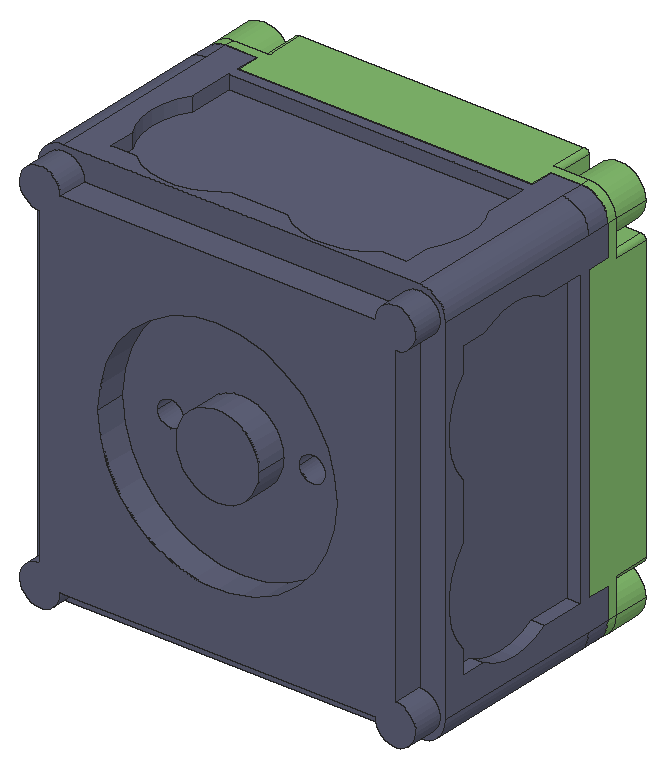
Revit family "E_Cable Junction Box_MEPcontent_Spelsberg_BS 1_INT-EN", category Electrical Fixtures, Revit 2017
Family settings
  Maintain Annotation Orientation = Yes
  Round Connector Dimension = Use Diameter
  Part Type = Junction Box
  OmniClass Number = 23.80.30.14.24
  OmniClass Title = Junction Boxes
  Work Plane-Based = No
  Always vertical = Yes
  Cut with Voids When Loaded = No
  Shared = No
  Room Calculation Point = No
Parameters (values of type "BS 1")
  Width = 86.000 mm
  Voltage = 230 V  # constant formula
  URL = ""
  Rotation W-Axis Total [instance] = [Rotation W-Axis Correction] + [Rotation W-Axis]  # 0.00°
  Rotation W-Axis Default Correction = 0.00°
  Rotation W-Axis Correction = 0.00°
  Rotation W-Axis [instance] = 0.00°
  Rotation V-Axis Total [instance] = [Rotation V-Axis Correction] + [Rotation V-Axis]  # 0.00°
  Rotation V-Axis Default Correction = 0.00°
  Rotation V-Axis Correction = 0.00°
  Rotation V-Axis [instance] = 0.00°
  Rotation U-Axis Total [instance] = [Rotation U-Axis Correction] + [Rotation U-Axis]  # 0.00°
  Rotation U-Axis Default Correction = 0.00°
  Rotation U-Axis Correction = 0.00°
  Rotation U-Axis [instance] = 0.00°
  Revit Version = "2017"  # constant formula
  Product Line = "Spelsberg"  # constant formula
  Power [instance] = 0 VA
  Placeholder Height = 59.100 mm
  Model = "BS 1"
  Manufacturer URL = "http://www.spelsberg.com/p/97400101"
  Manufacturer Art. No. = "97400101"
  Manufacturer = "Spelsberg"  # constant formula
  Length = 86.000 mm
  IFCExportType = "NOTDEFINED"  # constant formula
  IFCExportAs = "IfcJunctionBox"  # constant formula
  Height = 59.100 mm
  Green = Color RAL 6018
  ETIM Article Class = "EC002601"  # constant formula
  Description = "Equipment installation box BS 1"  # constant formula
  Cable Opening Diameter [instance] = 32.000 mm
  Cap Offset [instance] = 0.000 mm
  Blue = Color RAL 5013
  Article Type = "BS 1"
  Article Description = "Equipment installation box BS 1"  # constant formula
  3D Representation = 3DGeometry : 3DGeometry
Reference planes
  plane 1 "Center (Front/Back)": y = 0
  plane 2: z = 0
  plane 3 "Center (Left/Right)": x = 0
Dimensions and locks
  aligned and locked: level to plane 2
Nested families
  nested 1: "GeometryPlaceholder" at (0, 0, 0) x (1, 0, 0) z (0, 0, -1), Rotation v-axis <- "Rotation V-Axis Total", Rotation w-axis <- "Rotation W-Axis Total", Rotation u-axis <- "Rotation U-Axis Total", Height <- "Placeholder Height", type "GeometryPlaceholder", not visible
    with Width 10.000 mm, Rotation w-axis 0.00°, Rotation v-axis 0.00°, Rotation u-axis 0.00°, ModelBaseAngle 0.00°, Length 10.000 mm, Height 59.100 mm
  nested 2: "3DGeometry" at (0, 0, 0) x (-1, 0, 0) z (0, 1, 0), Cap Offset <- "Cap Offset", type <- "3D Representation", type "3DGeometry"
    with Cap Offset Safe 0.000 mm, Cap Offset 0.000 mm, Cable Opening Diameter 32.000 mm
Connectors
  cabletrayconduit at (16, 24.5, -40), diameter 32, driven by "Cable Opening Diameter"
    settings: on nested 2, index 1, connector width 300.000 mm, connector height 300.000 mm, connector angle 0.00°, system type 32, placement type 0, profile type 0, connector reference index -1, is primary connector yes, connector utility param no, connector description "Conduit Individual Connector1"
  cabletrayconduit at (-16, 24.5, -40), diameter 32, driven by "Cable Opening Diameter"
    settings: on nested 2, index 2, connector width 300.000 mm, connector height 300.000 mm, connector angle 0.00°, system type 32, placement type 0, profile type 0, connector reference index -1, is primary connector no, connector utility param no, connector description "Conduit Individual Connector2"
  cabletrayconduit at (-40, 24.5, -16), diameter 32, driven by "Cable Opening Diameter"
    settings: on nested 2, index 3, connector width 300.000 mm, connector height 300.000 mm, connector angle 0.00°, system type 32, placement type 0, profile type 0, connector reference index -1, is primary connector no, connector utility param no, connector description "Conduit Individual Connector3"
  cabletrayconduit at (-40, 24.5, 16), diameter 32, driven by "Cable Opening Diameter"
    settings: on nested 2, index 4, connector width 300.000 mm, connector height 300.000 mm, connector angle 0.00°, system type 32, placement type 0, profile type 0, connector reference index -1, is primary connector no, connector utility param no, connector description "Conduit Individual Connector4"
  cabletrayconduit at (-16, 24.5, 40), diameter 32, driven by "Cable Opening Diameter"
    settings: on nested 2, index 5, connector width 300.000 mm, connector height 300.000 mm, connector angle 0.00°, system type 32, placement type 0, profile type 0, connector reference index -1, is primary connector no, connector utility param no, connector description "Conduit Individual Connector5"
  cabletrayconduit at (16, 24.5, 40), diameter 32, driven by "Cable Opening Diameter"
    settings: on nested 2, index 6, connector width 300.000 mm, connector height 300.000 mm, connector angle 0.00°, system type 32, placement type 0, profile type 0, connector reference index -1, is primary connector no, connector utility param no, connector description "Conduit Individual Connector6"
  cabletrayconduit at (40, 24.5, 16), diameter 32, driven by "Cable Opening Diameter"
    settings: on nested 2, index 7, connector width 300.000 mm, connector height 300.000 mm, connector angle 0.00°, system type 32, placement type 0, profile type 0, connector reference index -1, is primary connector no, connector utility param no, connector description "Conduit Individual Connector7"
  cabletrayconduit at (40, 24.5, -16), diameter 32, driven by "Cable Opening Diameter"
    settings: on nested 2, index 8, connector width 300.000 mm, connector height 300.000 mm, connector angle 0.00°, system type 32, placement type 0, profile type 0, connector reference index -1, is primary connector no, connector utility param no, connector description "Conduit Individual Connector8"
Definition of nested family "3DGeometry"
  Parameters (values of type "3DGeometry")
    Width = 86.000 mm
    Length = 86.000 mm
    Height = 59.100 mm
    Cap Offset Safe [instance] = if(Cap Offset < 0.000 mm, 0.000 mm, Cap Offset)  # 25.000 mm
    Cap Offset [instance] = 25.000 mm
    Blue = none
    Type Comments = "﻿﻿ ﻿ ﻿﻿﻿﻿﻿﻿             ﻿     ﻿                ﻿  ﻿  ﻿​     ​​  ​​   ​​   ﻿﻿     ​      ​​  ​​      ﻿    ﻿﻿        ﻿ ﻿          ﻿﻿"
    Keynote = "﻿﻿ ﻿ ﻿﻿﻿﻿﻿﻿             ﻿     ﻿                ﻿  ﻿  ﻿​     ​​  ​​   ​​   ﻿﻿     ​      ​​  ​​      ﻿    ﻿﻿        ﻿ ﻿          ﻿﻿"
    Green = none
    Cable Opening Diameter [instance] = 32.000 mm
    Description = "﻿﻿ ﻿ ﻿﻿﻿﻿﻿﻿             ﻿     ﻿                ﻿  ﻿  ﻿​     ​​  ​​   ​​   ﻿﻿     ​      ​​  ​​      ﻿    ﻿﻿        ﻿ ﻿          ﻿﻿"
    Default Elevation = 0.000 mm
    Assembly Code = "﻿﻿ ﻿ ﻿﻿﻿﻿﻿﻿             ﻿     ﻿                ﻿  ﻿  ﻿​     ​​  ​​   ​​   ﻿﻿     ​      ​​  ​​      ﻿    ﻿﻿        ﻿ ﻿          ﻿﻿"
  Reference planes
    plane 1 "Center (Front/Back)": y = 0
    plane 2: z = 0
    plane 3 "Center (Left/Right)": x = 0
    plane 4 "length left": x = -43
    plane 5 "length right": x = 43
    plane 6 "width back": y = 43
    plane 7 "width front": y = -43
    plane 8: z = 59.1
    plane 9 "connectors": z = 24.5
    plane 10 "lid": z = 69.1
    plane 11 "top box": z = 74.1
    plane 12: y = -40
    plane 13: x = 40
    plane 14: y = 40
    plane 15: x = -40
    plane 16: x = -16
    plane 17: x = 16
    plane 18: y = 16
    plane 19: y = -16
    plane 20: z = 76.1
    plane 21 "cap offset": z = 84.1
    plane 22 "fixed": z = 44.1
    plane 23: z = 49.1
    plane 24: z = 51.1
  Forms (mm)
    Extrusion 1, solid
      sketch origin (0, 0, 0) x (1, 0, 0) y (0, 1, 0)
        loop
          line (-1219.2, 1219.2) -> (-1219.2, -1219.2) -> (1219.2, -1219.2) -> (1219.2, 1219.2) -> (-1219.2, 1219.2)
      from 0 to -304.8
    Extrusion 2, solid, material <- "Blue", detail levels fine
      sketch origin (0, 0, 0) x (1, 0, 0) y (0, 1, 0)
        loop
          arc (-37.5, 43) -> (-41.389, 41.389) -> (-43, 37.5) r 5.5
          line (-43, 37.5) -> (-43, -37.5)
          arc (-43, -37.5) -> (-41.389, -41.389) -> (-37.5, -43) r 5.5
          line (-37.5, -43) -> (37.5, -43)
          arc (37.5, -43) -> (41.389, -41.389) -> (43, -37.5) r 5.5
          line (43, -37.5) -> (43, 37.5)
          arc (43, 37.5) -> (41.389, 41.389) -> (37.5, 43) r 5.5
          line (37.5, 43) -> (-37.5, 43)
      from 0 to 44.1
    Extrusion 3, void
      sketch origin (0, 0, 0) x (1, 0, 0) y (0, 1, 0)
        loop
          circle (15, 0) r 2.75
        loop
          circle (-15, 0) r 2.75
      from 6.372 to 11.691
    Extrusion 4, void
      sketch origin (0, 0, 0) x (1, 0, 0) y (0, 0, 1)
        loop
          line (-31.189, 42) -> (-31.189, 32.5)
          arc (-31.189, 32.5) -> (-33.5, 24.5) -> (-31.189, 16.5) r 15
          line (-31.189, 16.5) -> (-31.189, 10.82) -> (-26, 10.82)
          arc (-26, 10.82) -> (-16, 7) -> (-6, 10.82) r 15
          line (-6, 10.82) -> (6, 10.82)
          arc (6, 10.82) -> (16, 7) -> (26, 10.82) r 15
          line (26, 10.82) -> (31.189, 10.82) -> (31.189, 16.5)
          arc (31.189, 16.5) -> (33.5, 24.5) -> (31.189, 32.5) r 15
          line (31.189, 32.5) -> (31.189, 42) -> (-31.189, 42)
      from 40 to 43
    Extrusion 5, void
      sketch origin (0, 0, 0) x (1, 0, 0) y (0, 0, -1)
        loop
          line (-31.189, -42) -> (31.189, -42) -> (31.189, -32.5)
          arc (31.189, -32.5) -> (33.5, -24.5) -> (31.189, -16.5) r 15
          line (31.189, -16.5) -> (31.189, -10.82) -> (26, -10.82)
          arc (26, -10.82) -> (16, -7) -> (6, -10.82) r 15
          line (6, -10.82) -> (-6, -10.82)
          arc (-6, -10.82) -> (-16, -7) -> (-26, -10.82) r 15
          line (-26, -10.82) -> (-31.189, -10.82) -> (-31.189, -16.5)
          arc (-31.189, -16.5) -> (-33.5, -24.5) -> (-31.189, -32.5) r 15
          line (-31.189, -32.5) -> (-31.189, -42)
      from 40 to 43
    Extrusion 6, void
      sketch origin (0, 0, 0) x (0, 1, 0) y (0, 0, 1)
        loop
          line (31.189, 42) -> (-31.189, 42) -> (-31.189, 32.5)
          arc (-31.189, 32.5) -> (-33.5, 24.5) -> (-31.189, 16.5) r 15
          line (-31.189, 16.5) -> (-31.189, 10.82) -> (-26, 10.82)
          arc (-26, 10.82) -> (-16, 7) -> (-6, 10.82) r 15
          line (-6, 10.82) -> (6, 10.82)
          arc (6, 10.82) -> (16, 7) -> (26, 10.82) r 15
          line (26, 10.82) -> (31.189, 10.82) -> (31.189, 16.5)
          arc (31.189, 16.5) -> (33.5, 24.5) -> (31.189, 32.5) r 15
          line (31.189, 32.5) -> (31.189, 42)
      from 40 to 43
    Extrusion 7, void
      sketch origin (0, 0, 0) x (0, 1, 0) y (0, 0, -1)
        loop
          line (31.189, -42) -> (31.189, -32.5)
          arc (31.189, -32.5) -> (33.5, -24.5) -> (31.189, -16.5) r 15
          line (31.189, -16.5) -> (31.189, -10.82) -> (26, -10.82)
          arc (26, -10.82) -> (16, -7) -> (6, -10.82) r 15
          line (6, -10.82) -> (-6, -10.82)
          arc (-6, -10.82) -> (-16, -7) -> (-26, -10.82) r 15
          line (-26, -10.82) -> (-31.189, -10.82) -> (-31.189, -16.5)
          arc (-31.189, -16.5) -> (-33.5, -24.5) -> (-31.189, -32.5) r 15
          line (-31.189, -32.5) -> (-31.189, -42) -> (31.189, -42)
      from 40 to 43
    Extrusion 8, solid, material <- "Green", detail levels fine
      sketch origin (0, 0, 0) x (1, 0, 0) y (0, 1, 0)
        loop
          arc (-37.5, 43) -> (-41.389, 41.389) -> (-43, 37.5) r 5.5
          line (-43, 37.5) -> (-43, -37.5)
          arc (-43, -37.5) -> (-41.389, -41.389) -> (-37.5, -43) r 5.5
          line (-37.5, -43) -> (37.5, -43)
          arc (37.5, -43) -> (41.389, -41.389) -> (43, -37.5) r 5.5
          line (43, -37.5) -> (43, 37.5)
          arc (43, 37.5) -> (41.389, 41.389) -> (37.5, 43) r 5.5
          line (37.5, 43) -> (-37.5, 43)
      from 69.1 to 76.1
    Extrusion 9, void
      sketch origin (0, 0, 0) x (1, 0, 0) y (0, 1, 0)
        loop
          line (-33.25, -37.5) -> (33.25, -37.5)
          arc (33.25, -37.5) -> (40.505, -40.505) -> (37.5, -33.25) r 4.25
          line (37.5, -33.25) -> (37.5, 33.25)
          arc (37.5, 33.25) -> (40.505, 40.505) -> (33.25, 37.5) r 4.25
          line (33.25, 37.5) -> (-33.25, 37.5)
          arc (-33.25, 37.5) -> (-40.505, 40.505) -> (-37.5, 33.25) r 4.25
          line (-37.5, 33.25) -> (-37.5, -33.25)
          arc (-37.5, -33.25) -> (-40.505, -40.505) -> (-33.25, -37.5) r 4.25
        loop
          line (-48, 48) -> (-48, -48) -> (48, -48) -> (48, 48) -> (-48, 48)
        loop
          circle (0, 0) r 25.25
        loop
          circle (0, 0) r 8.75
      from 0 to 6.372
    Extrusion 10, void
      sketch origin (0, 0, 0) x (1, 0, 0) y (0, 1, 0)
        loop
          line (-46, 46) -> (-46, 31) -> (-36, 31)
          arc (-36, 31) -> (-32.464, 32.464) -> (-31, 36) r 5
          line (-31, 36) -> (-31, 46) -> (-46, 46)
        loop
          line (46, 46) -> (31, 46) -> (31, 36)
          arc (31, 36) -> (32.464, 32.464) -> (36, 31) r 5
          line (36, 31) -> (46, 31) -> (46, 46)
        loop
          line (-46, -46) -> (-31, -46) -> (-31, -36)
          arc (-31, -36) -> (-32.464, -32.464) -> (-36, -31) r 5
          line (-36, -31) -> (-46, -31) -> (-46, -46)
        loop
          line (46, -46) -> (46, -31) -> (36, -31)
          arc (36, -31) -> (32.464, -32.464) -> (31, -36) r 5
          line (31, -36) -> (31, -46) -> (46, -46)
      from 69.1 to 74.1
    Extrusion 11, solid, material <- "Blue", detail levels fine
      sketch origin (0, 0, 0) x (1, 0, 0) y (0, 1, 0)
        loop
          arc (-37.5, 43) -> (-41.389, 41.389) -> (-43, 37.5) r 5.5
          line (-43, 37.5) -> (-43, 31) -> (-36, 31)
          arc (-36, 31) -> (-32.464, 32.464) -> (-31, 36) r 5
          line (-31, 36) -> (-31, 43) -> (-37.5, 43)
        loop
          line (37.5, 43) -> (31, 43) -> (31, 36)
          arc (31, 36) -> (32.464, 32.464) -> (36, 31) r 5
          line (36, 31) -> (43, 31) -> (43, 37.5)
          arc (43, 37.5) -> (41.389, 41.389) -> (37.5, 43) r 5.5
        loop
          line (-37.5, -43) -> (-31, -43) -> (-31, -36)
          arc (-31, -36) -> (-32.464, -32.464) -> (-36, -31) r 5
          line (-36, -31) -> (-43, -31) -> (-43, -37.5)
          arc (-43, -37.5) -> (-41.389, -41.389) -> (-37.5, -43) r 5.5
        loop
          arc (37.5, -43) -> (41.389, -41.389) -> (43, -37.5) r 5.5
          line (43, -37.5) -> (43, -31) -> (36, -31)
          arc (36, -31) -> (32.464, -32.464) -> (31, -36) r 5
          line (31, -36) -> (31, -43) -> (37.5, -43)
      from 44.1 to 49.1
    Extrusion 12, solid, material <- "Green", detail levels fine
      sketch origin (0, 0, 0) x (1, 0, 0) y (0, 1, 0)
        loop
          arc (-30, 43) -> (-30.707, 42.707) -> (-31, 42) r 1
          line (-31, 42) -> (-31, 36)
          arc (-31, 36) -> (-32.464, 32.464) -> (-36, 31) r 5
          line (-36, 31) -> (-42, 31)
          arc (-42, 31) -> (-42.707, 30.707) -> (-43, 30) r 1
          line (-43, 30) -> (-43, -30)
          arc (-43, -30) -> (-42.707, -30.707) -> (-42, -31) r 1
          line (-42, -31) -> (-36, -31)
          arc (-36, -31) -> (-32.464, -32.464) -> (-31, -36) r 5
          line (-31, -36) -> (-31, -42)
          arc (-31, -42) -> (-30.707, -42.707) -> (-30, -43) r 1
          line (-30, -43) -> (30, -43)
          arc (30, -43) -> (30.707, -42.707) -> (31, -42) r 1
          line (31, -42) -> (31, -36)
          arc (31, -36) -> (32.464, -32.464) -> (36, -31) r 5
          line (36, -31) -> (42, -31)
          arc (42, -31) -> (42.707, -30.707) -> (43, -30) r 1
          line (43, -30) -> (43, 30)
          arc (43, 30) -> (42.707, 30.707) -> (42, 31) r 1
          line (42, 31) -> (36, 31)
          arc (36, 31) -> (32.464, 32.464) -> (31, 36) r 5
          line (31, 36) -> (31, 42)
          arc (31, 42) -> (30.707, 42.707) -> (30, 43) r 1
          line (30, 43) -> (-30, 43)
        loop
          circle (-37.5, 37.5) r 4.25
        loop
          circle (-37.5, 37.5) r 5.5
        loop
          circle (37.5, 37.5) r 4.25
        loop
          circle (37.5, 37.5) r 5.5
        loop
          circle (-37.5, -37.5) r 4.25
        loop
          circle (-37.5, -37.5) r 5.5
        loop
          circle (37.5, -37.5) r 4.25
        loop
          circle (37.5, -37.5) r 5.5
        loop
          circle (0, 0) r 12.5
        loop
          circle (-21, 21) r 4
      from 76.1 to 84.1
    Extrusion 13, solid, not visible, detail levels coarse+medium
      sketch origin (0, 0, 0) x (1, 0, 0) y (0, 0, 1)
        loop
          circle (-16, 24.5) r 5
        loop
          circle (16, 24.5) r 5
      from 37.5 to 40
    Extrusion 14, solid, not visible, detail levels coarse+medium
      sketch origin (0, 0, 0) x (1, 0, 0) y (0, 0, 1)
        loop
          circle (-16, 24.5) r 5
        loop
          circle (16, 24.5) r 5
      from -40 to -37.5
    Extrusion 15, solid, not visible, detail levels coarse+medium
      sketch origin (0, 0, 0) x (0, 1, 0) y (0, 0, 1)
        loop
          circle (16, 24.5) r 5
        loop
          circle (-16, 24.5) r 5
      from -40 to -37.5
    Extrusion 16, solid, not visible, detail levels coarse+medium
      sketch origin (0, 0, 0) x (0, 1, 0) y (0, 0, 1)
        loop
          circle (16, 24.5) r 5
        loop
          circle (-16, 24.5) r 5
      from 37.5 to 40
    Extrusion 17, solid, detail levels coarse+medium
      sketch origin (0, 0, 0) x (1, 0, 0) y (0, 1, 0)
        loop
          arc (-37.5, 43) -> (-41.389, 41.389) -> (-43, 37.5) r 5.5
          line (-43, 37.5) -> (-43, -37.5)
          arc (-43, -37.5) -> (-41.389, -41.389) -> (-37.5, -43) r 5.5
          line (-37.5, -43) -> (37.5, -43)
          arc (37.5, -43) -> (41.389, -41.389) -> (43, -37.5) r 5.5
          line (43, -37.5) -> (43, 37.5)
          arc (43, 37.5) -> (41.389, 41.389) -> (37.5, 43) r 5.5
          line (37.5, 43) -> (-37.5, 43)
      from 0 to 44.1
    Extrusion 18, solid, detail levels coarse+medium
      sketch origin (0, 0, 0) x (1, 0, 0) y (0, 1, 0)
        loop
          arc (-37.5, 43) -> (-41.389, 41.389) -> (-43, 37.5) r 5.5
          line (-43, 37.5) -> (-43, -37.5)
          arc (-43, -37.5) -> (-41.389, -41.389) -> (-37.5, -43) r 5.5
          line (-37.5, -43) -> (37.5, -43)
          arc (37.5, -43) -> (41.389, -41.389) -> (43, -37.5) r 5.5
          line (43, -37.5) -> (43, 37.5)
          arc (43, 37.5) -> (41.389, 41.389) -> (37.5, 43) r 5.5
          line (37.5, 43) -> (-37.5, 43)
      from 69.1 to 84.1
  Cuts and joins
    Extrusion 3, Extrusion 4, Extrusion 5, Extrusion 6, Extrusion 7, Extrusion 9 cuts Extrusion 2
    Extrusion 6 cuts Extrusion 11
    joined: Extrusion 2, Extrusion 11
    Extrusion 10 cuts Extrusion 8
    joined: Extrusion 8, Extrusion 12
    Extrusion 4, Extrusion 5, Extrusion 6, Extrusion 7, Extrusion 9 cuts Extrusion 17
  Dimensions and locks
    equal spacing: plane 4 "length left", plane 3 "Center (Left/Right)", plane 5 "length right"
    equal spacing: plane 6 "width back", plane 1 "Center (Front/Back)", plane 7 "width front"
    plane 9 "connectors" to plane 2 = 24.500 mm
    "Length": plane 4 "length left" to plane 5 "length right"
    "Width": plane 6 "width back" to plane 7 "width front"
    "Height": plane 8 to plane 2
    plane 11 "top box" to plane 10 "lid" = 5.000 mm
    Extrusion 9 sketch curve to plane 3 "Center (Left/Right)" = 37.500 mm
    plane 1 "Center (Front/Back)" to Extrusion 9 sketch curve = 37.500 mm
    plane 7 "width front" to Extrusion 9 sketch curve = 5.000 mm
    Extrusion 9 sketch curve to plane 4 "length left" = 5.000 mm
    plane 5 "length right" to Extrusion 9 sketch curve = 5.000 mm
    Extrusion 9 sketch curve to plane 6 "width back" = 5.000 mm
    equal spacing: Extrusion 4 sketch curve, plane 3 "Center (Left/Right)", Extrusion 4 sketch curve  (x2)
    equal spacing: Extrusion 6 sketch curve, plane 1 "Center (Front/Back)", Extrusion 6 sketch curve  (x2)
    equal spacing: Extrusion 7 sketch curve, plane 1 "Center (Front/Back)", Extrusion 7 sketch curve  (x2)
    equal spacing: Extrusion 5 sketch curve, plane 3 "Center (Left/Right)", Extrusion 5 sketch curve  (x2)
    equal spacing: Extrusion 3 sketch curve, plane 3 "Center (Left/Right)", Extrusion 3 sketch curve
    Extrusion 3 sketch curve to Extrusion 3 sketch curve = 30.000 mm
    plane 4 "length left" to Extrusion 10 sketch curve = 12.000 mm
    plane 6 "width back" to Extrusion 10 sketch curve = 12.000 mm
    plane 3 "Center (Left/Right)" to Extrusion 4 sketch curve = 16.000 mm
    Extrusion 4 sketch curve to plane 3 "Center (Left/Right)" = 16.000 mm
    Extrusion 7 sketch curve to plane 1 "Center (Front/Back)" = 16.000 mm
    plane 1 "Center (Front/Back)" to Extrusion 7 sketch curve = 16.000 mm
    Extrusion 5 sketch curve to plane 3 "Center (Left/Right)" = 16.000 mm
    plane 3 "Center (Left/Right)" to Extrusion 5 sketch curve = 16.000 mm
    Extrusion 6 sketch curve to plane 1 "Center (Front/Back)" = 16.000 mm
    plane 1 "Center (Front/Back)" to Extrusion 6 sketch curve = 16.000 mm
    locked: plane 12 to plane 7 "width front" at 3
    locked: plane 4 "length left" to plane 15 at 3
    locked: plane 6 "width back" to plane 14 at 3
    locked: plane 13 to plane 5 "length right" at 3
    plane 17 to plane 3 "Center (Left/Right)" to plane 16 = 16.000 mm, 16.000 mm
    plane 18 to plane 1 "Center (Front/Back)" to plane 19 = 16.000 mm, 16.000 mm
    plane 20 to plane 11 "top box" = 2.000 mm
    "Cap Offset Safe": plane 21 "cap offset" to plane 8
    locked: plane 21 "cap offset" to plane 10 "lid" at 15
    locked: plane 23 to plane 22 "fixed" at 5
    locked: plane 24 to plane 23 at 2
    locked: plane 22 "fixed" to Extrusion 4 sketch curve at 2.1
    locked: plane 22 "fixed" to Extrusion 5 sketch curve at 2.1
    locked: plane 22 "fixed" to Extrusion 6 sketch curve at 2.1
    locked: plane 22 "fixed" to Extrusion 7 sketch curve at 2.1
    radius of Extrusion 4 sketch curve = 15.000 mm  (x4)
    radius of Extrusion 6 sketch curve = 15.000 mm  (x4)
    radius of Extrusion 7 sketch curve = 15.000 mm  (x4)
    radius of Extrusion 5 sketch curve = 15.000 mm  (x4)
    diameter of Extrusion 9 sketch curve = 50.500 mm
    diameter of Extrusion 9 sketch curve = 17.500 mm
    diameter of Extrusion 3 sketch curve = 5.500 mm
    aligned and locked: plane 2 to Extrusion 1
    aligned and locked: level to Extrusion 1
    aligned and locked: Extrusion 2 sketch curve to plane 6 "width back"
    aligned and locked: plane 4 "length left" to Extrusion 2 sketch curve
    aligned and locked: plane 7 "width front" to Extrusion 2 sketch curve
    aligned and locked: Extrusion 2 sketch curve to plane 5 "length right"
    aligned and locked: plane 1 "Center (Front/Back)" to Extrusion 3 sketch curve
    aligned and locked: Extrusion 2 to level
    aligned and locked: plane 5 "length right" to Extrusion 6
    aligned and locked: plane 10 "lid" to Extrusion 8
    aligned and locked: plane 10 "lid" to Extrusion 10
    aligned and locked: Extrusion 10 to plane 11 "top box"
    aligned and locked: plane 12 to cut or joined group 1 (Extrusion 2, Extrusion 3, Extrusion 4, Extrusion 5, Extrusion 6, Extrusion 7, Extrusion 9, Extrusion 11)
    aligned and locked: plane 14 to cut or joined group 1
    aligned and locked: cut or joined group 1 to plane 15
    aligned and locked: cut or joined group 1 to plane 13
    aligned and locked: cut or joined group of Extrusion 8, Extrusion 10, Extrusion 12 to plane 20
    aligned and locked: plane 16 to Extrusion 13 sketch curve
    aligned and locked: plane 9 "connectors" to Extrusion 13 sketch curve  (x2)
    aligned and locked: plane 17 to Extrusion 13 sketch curve
    aligned and locked: plane 16 to Extrusion 14 sketch curve
    aligned and locked: plane 9 "connectors" to Extrusion 14 sketch curve  (x2)
    aligned and locked: plane 17 to Extrusion 14 sketch curve
    aligned and locked: plane 18 to Extrusion 15 sketch curve
    aligned and locked: plane 9 "connectors" to Extrusion 15 sketch curve  (x2)
    aligned and locked: plane 19 to Extrusion 15 sketch curve
    aligned and locked: plane 18 to Extrusion 16 sketch curve
    aligned and locked: plane 9 "connectors" to Extrusion 16 sketch curve  (x2)
    aligned and locked: plane 19 to Extrusion 16 sketch curve
    aligned and locked: Extrusion 17 to plane 2
    aligned and locked: plane 20 to cut or joined group of Extrusion 8, Extrusion 10, Extrusion 12
    aligned and locked: cut or joined group of Extrusion 8, Extrusion 10, Extrusion 12 to plane 21 "cap offset"
    aligned and locked: plane 22 "fixed" to Extrusion 17
    aligned and locked: Extrusion 2 to cut or joined group of Extrusion 4, Extrusion 5, Extrusion 6, Extrusion 7, Extrusion 9, Extrusion 17
    aligned and locked: cut or joined group 1 to plane 22 "fixed"
    aligned and locked: plane 23 to cut or joined group 1
    aligned and locked: Extrusion 18 to plane 21 "cap offset"
    aligned and locked: plane 10 "lid" to Extrusion 18
  Automatic sketch dimensions
    Extrusion 1 sketch curve to Extrusion 1 sketch curve = 2438.400 mm  (x2)
    plane 1 "Center (Front/Back)" to Extrusion 3 sketch curve = 0.000 mm
    plane 15 to Extrusion 2 sketch curve = 2.500 mm
    Extrusion 2 sketch curve to plane 14 = 2.500 mm
    Extrusion 2 sketch curve to plane 13 = 2.500 mm  (x2)
    Extrusion 4 sketch curve to plane 9 "connectors" = 0.000 mm  (x2)
    Extrusion 4 sketch curve to plane 16 = 2.500 mm
    Extrusion 4 sketch curve to plane 16 = 10.000 mm
    Extrusion 4 sketch curve to Extrusion 4 sketch curve = 5.189 mm  (x2)
    plane 4 "length left" to Extrusion 4 sketch curve = 11.811 mm
    Extrusion 4 sketch curve to plane 3 "Center (Left/Right)" = 6.000 mm
    plane 17 to Extrusion 4 sketch curve = 2.500 mm
    Extrusion 5 sketch curve to plane 9 "connectors" = 0.000 mm  (x2)
    Extrusion 5 sketch curve to plane 16 = 2.500 mm
    Extrusion 5 sketch curve to plane 16 = 10.000 mm
    Extrusion 5 sketch curve to Extrusion 5 sketch curve = 5.189 mm  (x2)
    plane 4 "length left" to Extrusion 5 sketch curve = 11.811 mm
    Extrusion 5 sketch curve to plane 3 "Center (Left/Right)" = 6.000 mm
    plane 17 to Extrusion 5 sketch curve = 2.500 mm
    Extrusion 6 sketch curve to plane 9 "connectors" = 0.000 mm  (x2)
    plane 19 to Extrusion 6 sketch curve = 2.500 mm
    plane 19 to Extrusion 6 sketch curve = 10.000 mm
    Extrusion 6 sketch curve to Extrusion 6 sketch curve = 5.189 mm  (x2)
    plane 9 "connectors" to Extrusion 6 sketch curve = 8.000 mm
    plane 1 "Center (Front/Back)" to Extrusion 6 sketch curve = 6.000 mm
    Extrusion 6 sketch curve to plane 18 = 2.500 mm
    level to Extrusion 6 sketch curve = 10.820 mm
    Extrusion 7 sketch curve to plane 9 "connectors" = 0.000 mm  (x2)
    plane 19 to Extrusion 7 sketch curve = 2.500 mm
    plane 19 to Extrusion 7 sketch curve = 10.000 mm
    Extrusion 7 sketch curve to Extrusion 7 sketch curve = 5.189 mm  (x2)
    plane 9 "connectors" to Extrusion 7 sketch curve = 8.000 mm
    plane 1 "Center (Front/Back)" to Extrusion 7 sketch curve = 6.000 mm
    Extrusion 7 sketch curve to plane 18 = 2.500 mm
    Extrusion 8 sketch curve to plane 4 "length left" = 0.000 mm
    Extrusion 8 sketch curve to plane 7 "width front" = 0.000 mm
    Extrusion 8 sketch curve to plane 6 "width back" = 0.000 mm
    Extrusion 8 sketch curve to plane 5 "length right" = 0.000 mm
    plane 15 to Extrusion 8 sketch curve = 2.500 mm
    Extrusion 8 sketch curve to plane 14 = 2.500 mm
    plane 12 to Extrusion 8 sketch curve = 2.500 mm
    Extrusion 8 sketch curve to plane 13 = 2.500 mm
    Extrusion 9 sketch curve to Extrusion 9 sketch curve = 0.000 mm  (x2)
    plane 1 "Center (Front/Back)" to Extrusion 9 sketch curve = 0.000 mm
    Extrusion 9 sketch curve to plane 3 "Center (Left/Right)" = 0.000 mm
    Extrusion 9 sketch curve to Extrusion 9 sketch curve = 4.250 mm  (x2)
    Extrusion 9 sketch curve to plane 13 = 6.750 mm  (x2)
    Extrusion 9 sketch curve to plane 13 = 2.500 mm
    plane 12 to Extrusion 9 sketch curve = 2.500 mm
    plane 15 to Extrusion 10 sketch curve = 9.000 mm
    plane 15 to Extrusion 10 sketch curve = 4.000 mm  (x2)
    Extrusion 10 sketch curve to plane 4 "length left" = 3.000 mm  (x2)
    plane 6 "width back" to Extrusion 10 sketch curve = 3.000 mm  (x2)
    Extrusion 10 sketch curve to plane 13 = 9.000 mm  (x2)
    Extrusion 10 sketch curve to plane 7 "width front" = 3.000 mm  (x2)
    Extrusion 10 sketch curve to plane 13 = 4.000 mm  (x2)
    plane 5 "length right" to Extrusion 10 sketch curve = 3.000 mm  (x2)
    plane 12 to Extrusion 10 sketch curve = 4.000 mm  (x2)
    Extrusion 10 sketch curve to plane 14 = 9.000 mm
    Extrusion 11 sketch curve to plane 4 "length left" = 0.000 mm  (x2)
    Extrusion 11 sketch curve to plane 6 "width back" = 0.000 mm  (x2)
    Extrusion 11 sketch curve to plane 7 "width front" = 0.000 mm  (x2)
    Extrusion 11 sketch curve to plane 5 "length right" = 0.000 mm  (x2)
    Extrusion 11 sketch curve to plane 14 = 2.500 mm
    plane 12 to Extrusion 11 sketch curve = 2.500 mm
    plane 15 to Extrusion 11 sketch curve = 4.000 mm
    Extrusion 11 sketch curve to Extrusion 11 sketch curve = 1.500 mm  (x3)
    Extrusion 11 sketch curve to Extrusion 11 sketch curve = 6.500 mm  (x4)
    Extrusion 11 sketch curve to plane 13 = 9.000 mm  (x2)
    Extrusion 11 sketch curve to plane 13 = 4.000 mm  (x2)
    Extrusion 11 sketch curve to plane 13 = 2.500 mm
    plane 12 to Extrusion 11 sketch curve = 4.000 mm
    Extrusion 17 sketch curve to plane 4 "length left" = 0.000 mm
    Extrusion 17 sketch curve to plane 7 "width front" = 0.000 mm
    Extrusion 17 sketch curve to plane 6 "width back" = 0.000 mm
    Extrusion 17 sketch curve to plane 5 "length right" = 0.000 mm
    plane 15 to Extrusion 17 sketch curve = 2.500 mm
    Extrusion 17 sketch curve to plane 14 = 2.500 mm
    Extrusion 17 sketch curve to plane 13 = 2.500 mm
    plane 12 to Extrusion 17 sketch curve = 2.500 mm
    plane 3 "Center (Left/Right)" to Extrusion 4 sketch curve = 6.000 mm
    level to Extrusion 4 sketch curve = 10.820 mm
    plane 3 "Center (Left/Right)" to Extrusion 5 sketch curve = 6.000 mm
    Extrusion 5 sketch curve to plane 9 "connectors" = 2.500 mm
    Extrusion 6 sketch curve to plane 1 "Center (Front/Back)" = 6.000 mm
    Extrusion 7 sketch curve to plane 1 "Center (Front/Back)" = 6.000 mm
    Extrusion 7 sketch curve to plane 9 "connectors" = 2.500 mm
    Extrusion 18 sketch curve to plane 4 "length left" = 0.000 mm
    Extrusion 18 sketch curve to plane 7 "width front" = 0.000 mm
    Extrusion 18 sketch curve to plane 6 "width back" = 0.000 mm
    Extrusion 18 sketch curve to plane 5 "length right" = 0.000 mm
    plane 15 to Extrusion 18 sketch curve = 2.500 mm
    Extrusion 18 sketch curve to plane 14 = 2.500 mm
    Extrusion 18 sketch curve to plane 13 = 2.500 mm
    plane 12 to Extrusion 18 sketch curve = 2.500 mm
    Extrusion 12 sketch curve to Extrusion 12 sketch curve = 0.000 mm  (x8)
    Extrusion 12 sketch curve to plane 4 "length left" = 0.000 mm
    Extrusion 12 sketch curve to plane 6 "width back" = 0.000 mm
    Extrusion 12 sketch curve to plane 7 "width front" = 0.000 mm
    Extrusion 12 sketch curve to plane 5 "length right" = 0.000 mm
    Extrusion 12 sketch curve to Extrusion 12 sketch curve = 1.000 mm  (x4)
    plane 15 to Extrusion 12 sketch curve = 2.500 mm  (x2)
    Extrusion 12 sketch curve to Extrusion 12 sketch curve = 1.500 mm  (x7)
    Extrusion 12 sketch curve to Extrusion 12 sketch curve = 5.000 mm  (x2)
    Extrusion 12 sketch curve to plane 6 "width back" = 1.000 mm  (x2)
    Extrusion 12 sketch curve to plane 13 = 4.000 mm  (x2)
    Extrusion 12 sketch curve to plane 5 "length right" = 1.000 mm
    plane 12 to Extrusion 12 sketch curve = 2.500 mm  (x2)
    Extrusion 12 sketch curve to plane 18 = 5.000 mm
    plane 7 "width front" to Extrusion 12 sketch curve = 1.000 mm
    Extrusion 12 sketch curve to plane 13 = 10.000 mm
    Extrusion 12 sketch curve to Extrusion 12 sketch curve = 6.000 mm
    plane 12 to Extrusion 12 sketch curve = 4.000 mm
    Extrusion 12 sketch curve to plane 14 = 10.000 mm  (x2)
    Extrusion 12 sketch curve to plane 16 = 5.000 mm
    plane 1 "Center (Front/Back)" to Extrusion 12 sketch curve = 0.000 mm
    Extrusion 12 sketch curve to plane 3 "Center (Left/Right)" = 0.000 mm
    radius of Extrusion 3 sketch curve = 2.750 mm
    radius of Extrusion 13 sketch curve = 5.000 mm  (x2)
    radius of Extrusion 14 sketch curve = 5.000 mm  (x2)
    radius of Extrusion 15 sketch curve = 5.000 mm  (x2)
    radius of Extrusion 16 sketch curve = 5.000 mm  (x2)
    radius of Extrusion 12 sketch curve = 4.250 mm  (x4)
    radius of Extrusion 12 sketch curve = 5.500 mm  (x4)
    radius of Extrusion 12 sketch curve = 12.500 mm
    radius of Extrusion 12 sketch curve = 4.000 mm
